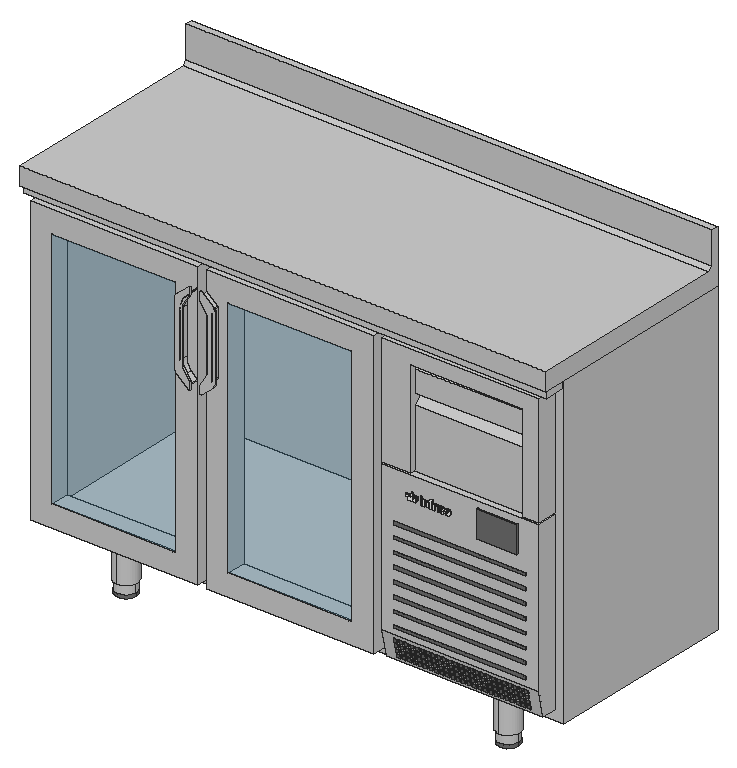
Revit family "QF_INFRICO_FMPP1500CR_250812095437", category Specialty Equipment, Revit 2021
Family settings
  Round Connector Dimension = Use Diameter
  Part Type = Normal
  OmniClass Number = 23.40.40.14
  OmniClass Title = Food Service Equipment
  Work Plane-Based = No
  Always vertical = Yes
  Cut with Voids When Loaded = No
  Shared = No
  Room Calculation Point = No
Parameters (values of type "FMPP1500CR-R290")
  Weight [instance] = 142.002 kg
  Waste Water Discharge Temperature [instance] = 0 °C
  Waste Remarks [instance] = ""
  Warranty Start Date [instance] = ""
  Warranty Duration [instance] = ""
  Volts [instance] = 230 V
  Volt Free Conn [instance] = no
  URL Recommended Spares List [instance] = ""
  URL Manufacturer [instance] = ""
  URL Cutsheet [instance] = ""
  URL Critical Spares List [instance] = ""
  URL = "www.infrico.com"
  Technical Documentation [instance] = ""
  Tag Number [instance] = ""
  Status [instance] = ""
  Start Up Current [instance] = 0 A
  Specification by User [instance] = ""
  Specification by Manufacturer [instance] = ""
  Sound Level [instance] = ""
  Show Logo [instance] = yes
  Show Clearances [instance] = yes
  Service Life Duration [instance] = ""
  Serial Number [instance] = ""
  Seismic Rating [instance] = ""
  SMACNA No [instance] = ""
  Revision Code [instance] = ""
  Revision [instance] = ""
  Production Year [instance] = ""
  Potential Equalisation [instance] = no
  Point Load [instance] = 0
  Plumbing Connection Type [instance] = ""
  Phase [instance] = 1
  Other Equipment Approvals [instance] = ""
  Operational Current [instance] = 0 A
  Number of Poles [instance] = 2
  No Load Power Draw [instance] = no
  NAFEM Spec ID Number [instance] = ""
  Model Warning [instance] = ""
  Model = "FMPP1500CR"
  Min Ckt Ampacity [instance] = 0 A
  Max Overcurrent Protection [instance] = 0 A
  Masterspec [instance] = ""
  Manufacturer = "INFRICO"
  Main switch integrated [instance] = no
  Length Actual [instance] = 1468.12 mm
  Item Number [instance] = ""
  Installed By [instance] = ""
  Installation Date [instance] = ""
  Indirect Waste Size [instance] = 19.05 mm
  Indirect Waste Remarks [instance] = ""
  Indirect Waste Flow [instance] = 0.0 L/s
  Indirect Waste Connection Type [instance] = ""
  Indirect Waste Connection Height [instance] = 0 mm
  Identify Quantity as Lot [instance] = no
  ID [instance] = ""
  Hygiene Approval [instance] = ""
  Height Actual [instance] = 1050.036 mm
  HP power [instance] = ""
  Furnished By [instance] = ""
  Foodservice Equipment Identifier [instance] = no
  FL Amps [instance] = 0 A
  Electrical Remarks [instance] = ""
  Electric power [instance] = 440 W
  Electric Connection Type [instance] = ""
  Elec Conn RI Height [instance] = 0 mm
  Elec Conn Connection Height [instance] = 0 mm
  ETL Approved [instance] = no
  Direct Waste Water Discharge Temperature [instance] = -273.15 °C
  Direct Waste Size [instance] = 19.05 mm
  Direct Waste RI Height [instance] = 0 mm
  Direct Waste Flow [instance] = 0.0 L/s
  Direct Waste Connection Height [instance] = 0 mm
  Description = "BACK BAR COUNTER REFRIGERATOR - R290"
  Depth Actual [instance] = 599.948 mm
  Default Elevation = 0 mm
  Cycle [instance] = 50 Hz
  Cost = 0
  Connection to energy optimisation system [instance] = yes
  Conn Plug [instance] = ""
  Conn Conduit [instance] = no
  Centralized building control system with digital interface [instance] = ""
  CSI MasterFormat [instance] = ""
  CE Approved [instance] = no
  Barcode [instance] = 0
  Author [instance] = ""
  Asset Identifier [instance] = ""
  Apparent Power [instance] = 440 VA
  Accessory [instance] = no
Reference planes
  plane 1 "Center (Front/Back)": y = 0
  plane 2: z = 0
  plane 3 "Center (Left/Right)": x = 0
Forms (mm)
  Extrusion 1, solid, not visible
    sketch origin (541.026, -113.006, 142.007) x (1, 0, 0) y (0, 1, 0)
      loop
        line (-2, 2) -> (-2, -2) -> (2, -2) -> (2, 2) -> (-2, 2)
    from -2 to 2
  Extrusion 2, solid, not visible
    sketch origin (1407.069, -61.003, 142.007) x (1, 0, 0) y (0, 1, 0)
      loop
        line (-2, 2) -> (-2, -2) -> (2, -2) -> (2, 2) -> (-2, 2)
    from -2 to 2
Dimensions and locks
  locked: nested 2 to Extrusion 1 at 2  (x2)
  locked: nested 3 to Extrusion 2 at 2  (x2)
  aligned and locked: level to plane 2
Nested families
  nested 1: "QF_INFRICO_FMPP1500CR_2920" at (0, 0, 140), type "FMPP1500CR-R290"
    with Weight 142.002 kg, Warranty Start Date "", Warranty Duration "", URL Cutsheet "", Technical Documentation "", Tag Number "", Status "", Specification by User "", Specification by Manufacturer "", Sound Level "", Solid Fuel Type "", Show Logo yes, Show Clearances yes, Show Clearance yes, Service Life Duration "", Serial Number "", Seismic Rating "", SMACNA No "", Revision Code "", Revision "", Production Year "", Point Load 0, Other Equipment Approvals "", NAFEM Spec ID Number "", Model Warning "", Masterspec "", Length Actual 1468.12 mm, Item Number "", Installed By "", Installation Date "", Identify Quantity as Lot yes, ID "", Hygiene Approval "", Height Actual 1050.036 mm, Furnished By "", Foodservice Equipment Identifier yes, ETL Approved yes, Depth Actual 599.948 mm, CSI MasterFormat "", CE Approved no, Barcode "", Author "", Asset Identifier "", Accessory no
  nested 2: "CONN_POINT_DRAIN_2D___Generic_Annotation" at (541.026, -113.006, 140.007), type "CONN_POINT_DRAIN_2D___Generic_Annotation"
    with Onboard connection annotation symbol visibility yes
  nested 3: "CONN_POINT_ELE_2D___Generic_Annotation" at (1407.069, -61.003, 140.007), type "CONN_POINT_ELE_2D___Generic_Annotation"
    with Onboard connection annotation symbol visibility yes
  nested 4: "QF_INFRICO_FMPPCR_DOOR_SX_4873" at (22, -538, 168), type "FMPPCR_DOOR_SX"
    with Weight 0.00 kg, Warranty Start Date "", Warranty Duration "", URL Cutsheet "", Technical Documentation "", Tag Number "", Status "", Specification by User "", Specification by Manufacturer "", Sound Level "", Solid Fuel Type "", Show Logo yes, Show Clearances yes, Show Clearance yes, Service Life Duration "", Serial Number "", Seismic Rating "", SMACNA No "", Revision Code "", Revision "", Production Year "", Point Load 0, Other Equipment Approvals "", NAFEM Spec ID Number "", Model Warning "", Masterspec "", Length Actual 467.106 mm, Item Number "", Installed By "", Installation Date "", Identify Quantity as Lot yes, ID "", Hygiene Approval "", Height Actual 596.9 mm, Furnished By "", Foodservice Equipment Identifier yes, ETL Approved yes, Depth Actual 54.102 mm, CSI MasterFormat "", CE Approved no, Barcode "", Author "", Asset Identifier "", Accessory yes
  nested 5: "QF_INFRICO_FMPPCR_DOOR_DX_5685" at (514, -538, 168), type "FMPPCR_DOOR_DX"
    with Weight 0.00 kg, Warranty Start Date "", Warranty Duration "", URL Cutsheet "", Technical Documentation "", Tag Number "", Status "", Specification by User "", Specification by Manufacturer "", Sound Level "", Solid Fuel Type "", Show Logo yes, Show Clearances yes, Show Clearance yes, Service Life Duration "", Serial Number "", Seismic Rating "", SMACNA No "", Revision Code "", Revision "", Production Year "", Point Load 0, Other Equipment Approvals "", NAFEM Spec ID Number "", Model Warning "", Masterspec "", Length Actual 467.106 mm, Item Number "", Installed By "", Installation Date "", Identify Quantity as Lot yes, ID "", Hygiene Approval "", Height Actual 596.9 mm, Furnished By "", Foodservice Equipment Identifier yes, ETL Approved yes, Depth Actual 54.102 mm, CSI MasterFormat "", CE Approved no, Barcode "", Author "", Asset Identifier "", Accessory yes
  nested 6: "QF_INFRICO_WORKTOP_BACKSPLASH_6493" at (0, 0, 1000), type "ENC12CPBM15"
    with Weight 0.00 kg, Warranty Start Date "", Warranty Duration "", URL Cutsheet "", Technical Documentation "", Tag Number "", Status "", Specification by User "", Specification by Manufacturer "", Sound Level "", Solid Fuel Type "", Show Logo yes, Show Clearances yes, Show Clearance yes, Service Life Duration "", Serial Number "", Seismic Rating "", SMACNA No "", Revision Code "", Revision "", Production Year "", Point Load 0, Other Equipment Approvals "", NAFEM Spec ID Number "", Model Warning "", Masterspec "", Length Actual 1468.12 mm, Item Number "", Installed By "", Installation Date "", Identify Quantity as Lot yes, ID "", Hygiene Approval "", Height Actual 150.114 mm, Furnished By "", Foodservice Equipment Identifier yes, ETL Approved yes, Depth Actual 599.948 mm, CSI MasterFormat "", CE Approved no, Barcode "", Author "", Asset Identifier "", Accessory yes
  nested 7: "QF_INFRICO_LEGS_7329" at (0, 0, 0), type "LEGS_1470_600"
    with Weight 0.00 kg, Warranty Start Date "", Warranty Duration "", URL Cutsheet "", Technical Documentation "", Tag Number "", Status "", Specification by User "", Specification by Manufacturer "", Sound Level "", Solid Fuel Type "", Show Logo yes, Show Clearances yes, Show Clearance yes, Service Life Duration "", Serial Number "", Seismic Rating "", SMACNA No "", Revision Code "", Revision "", Production Year "", Point Load 0, Other Equipment Approvals "", NAFEM Spec ID Number "", Model Warning "", Masterspec "", Length Actual 1468.12 mm, Item Number "", Installed By "", Installation Date "", Identify Quantity as Lot yes, ID "", Hygiene Approval "", Height Actual 139.954 mm, Furnished By "", Foodservice Equipment Identifier yes, ETL Approved yes, Depth Actual 599.948 mm, CSI MasterFormat "", CE Approved no, Barcode "", Author "", Asset Identifier "", Accessory yes
Connectors
  piping at (541.026, -113.006, 140.007), diameter 19.05, driven by "Indirect Waste Size", driven by "Direct Waste Flow"
    settings: on Extrusion 1, index 1, connector inside diameter 609.6 mm, connector length 0 mm, flow factor 0, pipe flow 0.0 L/s, pressure drop 0.0 Pa, fitting loss kfactor 0, connector angle 0.00°, fixture units 0, engagement length 0 mm, angle of deflection 0.00°, flow configuration 1, flow direction 2, fitting loss method 0, system type 16, joint type 0, gender type 0, connector reference index -1, connector utility 0, adjustable connector no, is connector primary yes, connector description "Waste connection for FMPP1500CR"
  electrical at (1407.069, -61.003, 140.007), driven by "Apparent Power", driven by "Number of Poles", driven by "Volts"
    settings: on Extrusion 2, index 2, voltage 230 V, apparent load 0 VA, apparent load phase1 440 VA, apparent load phase2 0 VA, apparent load phase3 0 VA, power factor 1, load classification "Other", number of poles 2, system type 31, power factor state 1, is connector primary yes, connector utility no, sub classification motor no, connector description "Electrical connection for FMPP1500CR"
Definition of nested family "QF_INFRICO_FMPP1500CR_2920"
  Parameters (values of type "FMPP1500CR-R290")
    Weight [instance] = 0.00 kg
    Warranty Start Date [instance] = ""
    Warranty Duration [instance] = ""
    URL Cutsheet [instance] = ""
    URL = "www.infrico.com"
    Technical Documentation [instance] = ""
    Tag Number [instance] = ""
    Status [instance] = ""
    Specification by User [instance] = ""
    Specification by Manufacturer [instance] = ""
    Sound Level [instance] = ""
    Solid Fuel Type [instance] = ""
    Show Logo [instance] = yes
    Show Clearances [instance] = yes
    Show Clearance [instance] = yes
    Service Life Duration [instance] = ""
    Serial Number [instance] = ""
    Seismic Rating [instance] = ""
    SMACNA No [instance] = ""
    Revision Code [instance] = ""
    Revision [instance] = ""
    Production Year [instance] = ""
    Point Load [instance] = 0
    Other Equipment Approvals [instance] = ""
    NAFEM Spec ID Number [instance] = ""
    Model Warning [instance] = ""
    Model = "FMPP1500CR"
    Masterspec [instance] = ""
    Manufacturer = "INFRICO"
    Length Actual [instance] = 0 mm
    Item Number [instance] = ""
    Installed By [instance] = ""
    Installation Date [instance] = ""
    Identify Quantity as Lot [instance] = yes
    ID [instance] = ""
    Hygiene Approval [instance] = ""
    Height Actual [instance] = 0 mm
    Furnished By [instance] = ""
    Foodservice Equipment Identifier [instance] = yes
    ETL Approved [instance] = yes
    Description = "BACK BAR COUNTER REFRIGERATOR - R290"
    Depth Actual [instance] = 0 mm
    Default Elevation = 0 mm
    CSI MasterFormat [instance] = ""
    CE Approved [instance] = yes
    Barcode [instance] = ""
    Author [instance] = ""
    Asset Identifier [instance] = ""
    Assembly Code = "E1090320"
    Accessory [instance] = yes
  Types (2, lengths in mm): name | Description
    FMPP1500CR | "BACK BAR COUNTER REFRIGERATOR - R134A"
    FMPP1500CR-R290 | "BACK BAR COUNTER REFRIGERATOR - R290"
  Reference planes
    plane 1 "Back": y = 0
    plane 2: z = 0
    plane 3 "Left": x = 0
    plane 4 "Right": x = 1468
    plane 5 "Front": y = -600
    plane 6 "Top": z = 860
  Forms (mm)
    Extrusion 1, solid
      sketch origin (0, 100, -140) x (0, 1, 0) y (0, 0, 1)
        loop
          line (-638.02, 654.885) -> (-695.03, 654.885) -> (-695.03, 238.436) -> (-678.769, 168) -> (-638.02, 168) -> (-638.02, 654.885)
      from 1005.93 to 1443.93
    Extrusion 2, solid
      sketch origin (-2000, -593.13, -140) x (1, 0, 0) y (0, 0, 1)
        loop
          line (3408.016, 523.949) -> (3040.73, 523.949) -> (3040.73, 514.949) -> (3408.016, 514.949) -> (3408.016, 523.949)
        loop
          line (3408.016, 486.949) -> (3040.73, 486.949) -> (3040.73, 477.949) -> (3408.016, 477.949) -> (3408.016, 486.949)
        loop
          line (3408.016, 449.949) -> (3040.73, 449.949) -> (3040.73, 440.949) -> (3408.016, 440.949) -> (3408.016, 449.949)
        loop
          line (3408.016, 412.949) -> (3040.73, 412.949) -> (3040.73, 403.949) -> (3408.016, 403.949) -> (3408.016, 412.949)
        loop
          line (3408.016, 375.949) -> (3040.73, 375.949) -> (3040.73, 366.949) -> (3408.016, 366.949) -> (3408.016, 375.949)
        loop
          line (3408.016, 338.949) -> (3040.73, 338.949) -> (3040.73, 329.949) -> (3408.016, 329.949) -> (3408.016, 338.949)
        loop
          line (3408.016, 301.949) -> (3040.73, 301.949) -> (3040.73, 292.949) -> (3408.016, 292.949) -> (3408.016, 301.949)
        loop
          line (3408.016, 264.949) -> (3040.73, 264.949) -> (3040.73, 255.949) -> (3408.016, 255.949) -> (3408.016, 264.949)
      from 0 to 2
    Extrusion 3, solid
      sketch origin (-1999.3, -539.263, -135.602) x (1, 0, 0) y (0, -0.224951, 0.97437)
        loop
          line (3036.73, 215.974) -> (3036.73, 205.974) -> (3046.73, 205.974) -> (3046.73, 215.974) -> (3036.73, 215.974)
        loop
          line (3036.73, 230.769) -> (3036.73, 220.769) -> (3046.73, 220.769) -> (3046.73, 230.769) -> (3036.73, 230.769)
        loop
          line (3036.73, 186.385) -> (3036.73, 176.385) -> (3046.73, 176.385) -> (3046.73, 186.385) -> (3036.73, 186.385)
        loop
          line (3036.73, 201.179) -> (3036.73, 191.179) -> (3046.73, 191.179) -> (3046.73, 201.179) -> (3036.73, 201.179)
        loop
          line (3051.938, 215.974) -> (3051.938, 205.974) -> (3061.938, 205.974) -> (3061.938, 215.974) -> (3051.938, 215.974)
        loop
          line (3051.938, 230.769) -> (3051.938, 220.769) -> (3061.938, 220.769) -> (3061.938, 230.769) -> (3051.938, 230.769)
        loop
          line (3051.938, 186.385) -> (3051.938, 176.385) -> (3061.938, 176.385) -> (3061.938, 186.385) -> (3051.938, 186.385)
        loop
          line (3051.938, 201.179) -> (3051.938, 191.179) -> (3061.938, 191.179) -> (3061.938, 201.179) -> (3051.938, 201.179)
        loop
          line (3067.147, 215.974) -> (3067.147, 205.974) -> (3077.147, 205.974) -> (3077.147, 215.974) -> (3067.147, 215.974)
        loop
          line (3067.147, 230.769) -> (3067.147, 220.769) -> (3077.147, 220.769) -> (3077.147, 230.769) -> (3067.147, 230.769)
        loop
          line (3067.147, 186.385) -> (3067.147, 176.385) -> (3077.147, 176.385) -> (3077.147, 186.385) -> (3067.147, 186.385)
        loop
          line (3067.147, 201.179) -> (3067.147, 191.179) -> (3077.147, 191.179) -> (3077.147, 201.179) -> (3067.147, 201.179)
        loop
          line (3082.355, 215.974) -> (3082.355, 205.974) -> (3092.355, 205.974) -> (3092.355, 215.974) -> (3082.355, 215.974)
        loop
          line (3082.355, 230.769) -> (3082.355, 220.769) -> (3092.355, 220.769) -> (3092.355, 230.769) -> (3082.355, 230.769)
        loop
          line (3082.355, 186.385) -> (3082.355, 176.385) -> (3092.355, 176.385) -> (3092.355, 186.385) -> (3082.355, 186.385)
        loop
          line (3082.355, 201.179) -> (3082.355, 191.179) -> (3092.355, 191.179) -> (3092.355, 201.179) -> (3082.355, 201.179)
        loop
          line (3097.563, 215.974) -> (3097.563, 205.974) -> (3107.563, 205.974) -> (3107.563, 215.974) -> (3097.563, 215.974)
        loop
          line (3097.563, 230.769) -> (3097.563, 220.769) -> (3107.563, 220.769) -> (3107.563, 230.769) -> (3097.563, 230.769)
        loop
          line (3097.563, 186.385) -> (3097.563, 176.385) -> (3107.563, 176.385) -> (3107.563, 186.385) -> (3097.563, 186.385)
        loop
          line (3097.563, 201.179) -> (3097.563, 191.179) -> (3107.563, 191.179) -> (3107.563, 201.179) -> (3097.563, 201.179)
        loop
          line (3112.772, 215.974) -> (3112.772, 205.974) -> (3122.772, 205.974) -> (3122.772, 215.974) -> (3112.772, 215.974)
        loop
          line (3112.772, 230.769) -> (3112.772, 220.769) -> (3122.772, 220.769) -> (3122.772, 230.769) -> (3112.772, 230.769)
        loop
          line (3112.772, 186.385) -> (3112.772, 176.385) -> (3122.772, 176.385) -> (3122.772, 186.385) -> (3112.772, 186.385)
        loop
          line (3112.772, 201.179) -> (3112.772, 191.179) -> (3122.772, 191.179) -> (3122.772, 201.179) -> (3112.772, 201.179)
        loop
          line (3127.98, 215.974) -> (3127.98, 205.974) -> (3137.98, 205.974) -> (3137.98, 215.974) -> (3127.98, 215.974)
        loop
          line (3127.98, 230.769) -> (3127.98, 220.769) -> (3137.98, 220.769) -> (3137.98, 230.769) -> (3127.98, 230.769)
        loop
          line (3127.98, 186.385) -> (3127.98, 176.385) -> (3137.98, 176.385) -> (3137.98, 186.385) -> (3127.98, 186.385)
        loop
          line (3127.98, 201.179) -> (3127.98, 191.179) -> (3137.98, 191.179) -> (3137.98, 201.179) -> (3127.98, 201.179)
        loop
          line (3143.188, 215.974) -> (3143.188, 205.974) -> (3153.188, 205.974) -> (3153.188, 215.974) -> (3143.188, 215.974)
        loop
          line (3143.188, 230.769) -> (3143.188, 220.769) -> (3153.188, 220.769) -> (3153.188, 230.769) -> (3143.188, 230.769)
        loop
          line (3143.188, 186.385) -> (3143.188, 176.385) -> (3153.188, 176.385) -> (3153.188, 186.385) -> (3143.188, 186.385)
        loop
          line (3143.188, 201.179) -> (3143.188, 191.179) -> (3153.188, 191.179) -> (3153.188, 201.179) -> (3143.188, 201.179)
        loop
          line (3158.397, 215.974) -> (3158.397, 205.974) -> (3168.397, 205.974) -> (3168.397, 215.974) -> (3158.397, 215.974)
        loop
          line (3158.397, 230.769) -> (3158.397, 220.769) -> (3168.397, 220.769) -> (3168.397, 230.769) -> (3158.397, 230.769)
        loop
          line (3158.397, 186.385) -> (3158.397, 176.385) -> (3168.397, 176.385) -> (3168.397, 186.385) -> (3158.397, 186.385)
        loop
          line (3158.397, 201.179) -> (3158.397, 191.179) -> (3168.397, 191.179) -> (3168.397, 201.179) -> (3158.397, 201.179)
        loop
          line (3173.605, 215.974) -> (3173.605, 205.974) -> (3183.605, 205.974) -> (3183.605, 215.974) -> (3173.605, 215.974)
        loop
          line (3173.605, 230.769) -> (3173.605, 220.769) -> (3183.605, 220.769) -> (3183.605, 230.769) -> (3173.605, 230.769)
        loop
          line (3173.605, 186.385) -> (3173.605, 176.385) -> (3183.605, 176.385) -> (3183.605, 186.385) -> (3173.605, 186.385)
        loop
          line (3173.605, 201.179) -> (3173.605, 191.179) -> (3183.605, 191.179) -> (3183.605, 201.179) -> (3173.605, 201.179)
        loop
          line (3188.813, 215.974) -> (3188.813, 205.974) -> (3198.813, 205.974) -> (3198.813, 215.974) -> (3188.813, 215.974)
        loop
          line (3188.813, 230.769) -> (3188.813, 220.769) -> (3198.813, 220.769) -> (3198.813, 230.769) -> (3188.813, 230.769)
        loop
          line (3188.813, 186.385) -> (3188.813, 176.385) -> (3198.813, 176.385) -> (3198.813, 186.385) -> (3188.813, 186.385)
        loop
          line (3188.813, 201.179) -> (3188.813, 191.179) -> (3198.813, 191.179) -> (3198.813, 201.179) -> (3188.813, 201.179)
        loop
          line (3204.022, 215.974) -> (3204.022, 205.974) -> (3214.022, 205.974) -> (3214.022, 215.974) -> (3204.022, 215.974)
        loop
          line (3204.022, 230.769) -> (3204.022, 220.769) -> (3214.022, 220.769) -> (3214.022, 230.769) -> (3204.022, 230.769)
        loop
          line (3204.022, 186.385) -> (3204.022, 176.385) -> (3214.022, 176.385) -> (3214.022, 186.385) -> (3204.022, 186.385)
        loop
          line (3204.022, 201.179) -> (3204.022, 191.179) -> (3214.022, 191.179) -> (3214.022, 201.179) -> (3204.022, 201.179)
        loop
          line (3219.23, 215.974) -> (3219.23, 205.974) -> (3229.23, 205.974) -> (3229.23, 215.974) -> (3219.23, 215.974)
        loop
          line (3219.23, 230.769) -> (3219.23, 220.769) -> (3229.23, 220.769) -> (3229.23, 230.769) -> (3219.23, 230.769)
        loop
          line (3219.23, 186.385) -> (3219.23, 176.385) -> (3229.23, 176.385) -> (3229.23, 186.385) -> (3219.23, 186.385)
        loop
          line (3219.23, 201.179) -> (3219.23, 191.179) -> (3229.23, 191.179) -> (3229.23, 201.179) -> (3219.23, 201.179)
        loop
          line (3234.438, 215.974) -> (3234.438, 205.974) -> (3244.438, 205.974) -> (3244.438, 215.974) -> (3234.438, 215.974)
        loop
          line (3234.438, 230.769) -> (3234.438, 220.769) -> (3244.438, 220.769) -> (3244.438, 230.769) -> (3234.438, 230.769)
        loop
          line (3234.438, 186.385) -> (3234.438, 176.385) -> (3244.438, 176.385) -> (3244.438, 186.385) -> (3234.438, 186.385)
        loop
          line (3234.438, 201.179) -> (3234.438, 191.179) -> (3244.438, 191.179) -> (3244.438, 201.179) -> (3234.438, 201.179)
        loop
          line (3249.647, 215.974) -> (3249.647, 205.974) -> (3259.647, 205.974) -> (3259.647, 215.974) -> (3249.647, 215.974)
        loop
          line (3249.647, 230.769) -> (3249.647, 220.769) -> (3259.647, 220.769) -> (3259.647, 230.769) -> (3249.647, 230.769)
        loop
          line (3249.647, 186.385) -> (3249.647, 176.385) -> (3259.647, 176.385) -> (3259.647, 186.385) -> (3249.647, 186.385)
        loop
          line (3249.647, 201.179) -> (3249.647, 191.179) -> (3259.647, 191.179) -> (3259.647, 201.179) -> (3249.647, 201.179)
        loop
          line (3264.855, 215.974) -> (3264.855, 205.974) -> (3274.855, 205.974) -> (3274.855, 215.974) -> (3264.855, 215.974)
        loop
          line (3264.855, 230.769) -> (3264.855, 220.769) -> (3274.855, 220.769) -> (3274.855, 230.769) -> (3264.855, 230.769)
        loop
          line (3264.855, 186.385) -> (3264.855, 176.385) -> (3274.855, 176.385) -> (3274.855, 186.385) -> (3264.855, 186.385)
        loop
          line (3264.855, 201.179) -> (3264.855, 191.179) -> (3274.855, 191.179) -> (3274.855, 201.179) -> (3264.855, 201.179)
        loop
          line (3280.063, 215.974) -> (3280.063, 205.974) -> (3290.063, 205.974) -> (3290.063, 215.974) -> (3280.063, 215.974)
        loop
          line (3280.063, 230.769) -> (3280.063, 220.769) -> (3290.063, 220.769) -> (3290.063, 230.769) -> (3280.063, 230.769)
        loop
          line (3280.063, 186.385) -> (3280.063, 176.385) -> (3290.063, 176.385) -> (3290.063, 186.385) -> (3280.063, 186.385)
        loop
          line (3280.063, 201.179) -> (3280.063, 191.179) -> (3290.063, 191.179) -> (3290.063, 201.179) -> (3280.063, 201.179)
        loop
          line (3295.272, 215.974) -> (3295.272, 205.974) -> (3305.272, 205.974) -> (3305.272, 215.974) -> (3295.272, 215.974)
        loop
          line (3295.272, 230.769) -> (3295.272, 220.769) -> (3305.272, 220.769) -> (3305.272, 230.769) -> (3295.272, 230.769)
        loop
          line (3295.272, 186.385) -> (3295.272, 176.385) -> (3305.272, 176.385) -> (3305.272, 186.385) -> (3295.272, 186.385)
        loop
          line (3295.272, 201.179) -> (3295.272, 191.179) -> (3305.272, 191.179) -> (3305.272, 201.179) -> (3295.272, 201.179)
        loop
          line (3310.48, 215.974) -> (3310.48, 205.974) -> (3320.48, 205.974) -> (3320.48, 215.974) -> (3310.48, 215.974)
        loop
          line (3310.48, 230.769) -> (3310.48, 220.769) -> (3320.48, 220.769) -> (3320.48, 230.769) -> (3310.48, 230.769)
        loop
          line (3310.48, 186.385) -> (3310.48, 176.385) -> (3320.48, 176.385) -> (3320.48, 186.385) -> (3310.48, 186.385)
        loop
          line (3310.48, 201.179) -> (3310.48, 191.179) -> (3320.48, 191.179) -> (3320.48, 201.179) -> (3310.48, 201.179)
        loop
          line (3325.688, 215.974) -> (3325.688, 205.974) -> (3335.688, 205.974) -> (3335.688, 215.974) -> (3325.688, 215.974)
        loop
          line (3325.688, 230.769) -> (3325.688, 220.769) -> (3335.688, 220.769) -> (3335.688, 230.769) -> (3325.688, 230.769)
        loop
          line (3325.688, 186.385) -> (3325.688, 176.385) -> (3335.688, 176.385) -> (3335.688, 186.385) -> (3325.688, 186.385)
        loop
          line (3325.688, 201.179) -> (3325.688, 191.179) -> (3335.688, 191.179) -> (3335.688, 201.179) -> (3325.688, 201.179)
        loop
          line (3340.897, 215.974) -> (3340.897, 205.974) -> (3350.897, 205.974) -> (3350.897, 215.974) -> (3340.897, 215.974)
        loop
          line (3340.897, 230.769) -> (3340.897, 220.769) -> (3350.897, 220.769) -> (3350.897, 230.769) -> (3340.897, 230.769)
        loop
          line (3340.897, 186.385) -> (3340.897, 176.385) -> (3350.897, 176.385) -> (3350.897, 186.385) -> (3340.897, 186.385)
        loop
          line (3340.897, 201.179) -> (3340.897, 191.179) -> (3350.897, 191.179) -> (3350.897, 201.179) -> (3340.897, 201.179)
        loop
          line (3356.105, 215.974) -> (3356.105, 205.974) -> (3366.105, 205.974) -> (3366.105, 215.974) -> (3356.105, 215.974)
        loop
          line (3356.105, 230.769) -> (3356.105, 220.769) -> (3366.105, 220.769) -> (3366.105, 230.769) -> (3356.105, 230.769)
        loop
          line (3356.105, 186.385) -> (3356.105, 176.385) -> (3366.105, 176.385) -> (3366.105, 186.385) -> (3356.105, 186.385)
        loop
          line (3356.105, 201.179) -> (3356.105, 191.179) -> (3366.105, 191.179) -> (3366.105, 201.179) -> (3356.105, 201.179)
        loop
          line (3371.313, 215.974) -> (3371.313, 205.974) -> (3381.313, 205.974) -> (3381.313, 215.974) -> (3371.313, 215.974)
        loop
          line (3371.313, 230.769) -> (3371.313, 220.769) -> (3381.313, 220.769) -> (3381.313, 230.769) -> (3371.313, 230.769)
        loop
          line (3371.313, 186.385) -> (3371.313, 176.385) -> (3381.313, 176.385) -> (3381.313, 186.385) -> (3371.313, 186.385)
        loop
          line (3371.313, 201.179) -> (3371.313, 191.179) -> (3381.313, 191.179) -> (3381.313, 201.179) -> (3371.313, 201.179)
        loop
          line (3386.522, 215.974) -> (3386.522, 205.974) -> (3396.522, 205.974) -> (3396.522, 215.974) -> (3386.522, 215.974)
        loop
          line (3386.522, 230.769) -> (3386.522, 220.769) -> (3396.522, 220.769) -> (3396.522, 230.769) -> (3386.522, 230.769)
        loop
          line (3386.522, 186.385) -> (3386.522, 176.385) -> (3396.522, 176.385) -> (3396.522, 186.385) -> (3386.522, 186.385)
        loop
          line (3386.522, 201.179) -> (3386.522, 191.179) -> (3396.522, 191.179) -> (3396.522, 201.179) -> (3386.522, 201.179)
        loop
          line (3401.73, 215.974) -> (3401.73, 205.974) -> (3411.73, 205.974) -> (3411.73, 215.974) -> (3401.73, 215.974)
        loop
          line (3401.73, 230.769) -> (3401.73, 220.769) -> (3411.73, 220.769) -> (3411.73, 230.769) -> (3401.73, 230.769)
        loop
          line (3401.73, 186.385) -> (3401.73, 176.385) -> (3411.73, 176.385) -> (3411.73, 186.385) -> (3401.73, 186.385)
        loop
          line (3401.73, 201.179) -> (3401.73, 191.179) -> (3411.73, 191.179) -> (3411.73, 201.179) -> (3401.73, 201.179)
      from 0 to 2
    Extrusion 4, solid, visible <- "Show Logo"
      sketch origin (-89.335, -593.13, -246.187) x (1, 0, 0) y (0, 0, 1)
        loop
          line (1208.799, 696.53) -> (1208.799, 719.204) -> (1204.173, 719.204) -> (1204.173, 696.53) -> (1208.799, 696.53)
        loop
          line (1214.779, 713.006) -> (1211.283, 713.006) -> (1211.283, 696.53) -> (1215.772, 696.53) -> (1215.772, 707.832)
          arc (1215.772, 707.832) -> (1217.528, 708.741) -> (1219.417, 709.324) r 11.052
          arc (1219.417, 709.324) -> (1220.929, 708.961) -> (1221.598, 707.557) r 1.806
          line (1221.598, 707.557) -> (1221.598, 696.53) -> (1226.121, 696.53) -> (1226.121, 708.689)
          arc (1226.121, 708.689) -> (1224.637, 712.075) -> (1221.141, 713.281) r 4.607
          arc (1221.141, 713.281) -> (1218.282, 712.674) -> (1215.669, 711.361) r 11.435
          line (1215.669, 711.361) -> (1215.601, 712.184)
          arc (1215.601, 712.184) -> (1215.36, 712.765) -> (1214.779, 713.006) r 0.822
        loop
          line (1238.557, 720.102) -> (1237.306, 720.102)
          arc (1237.306, 720.102) -> (1235.052, 719.926) -> (1232.881, 719.297) r 11.103
          arc (1232.881, 719.297) -> (1230.805, 717.616) -> (1230.024, 715.062) r 4.567
          line (1230.024, 715.062) -> (1230.024, 712.909) -> (1227.351, 712.703) -> (1227.351, 709.374) -> (1230.024, 709.374) -> (1230.024, 696.53) -> (1234.547, 696.53) -> (1234.547, 709.374) -> (1238.249, 709.374) -> (1238.249, 712.938) -> (1234.547, 712.938) -> (1234.547, 714.548)
          arc (1234.547, 714.548) -> (1234.956, 715.705) -> (1236.045, 716.271) r 1.67
          line (1236.045, 716.271) -> (1237.7, 716.399)
          arc (1237.7, 716.399) -> (1238.306, 716.65) -> (1238.557, 717.255) r 0.857
          line (1238.557, 717.255) -> (1238.557, 720.102)
        loop
          line (1239.479, 713.006) -> (1239.479, 696.53) -> (1243.968, 696.53) -> (1243.968, 707.352)
          arc (1243.968, 707.352) -> (1245.873, 708.631) -> (1248.077, 709.268) r 7.435
          line (1248.077, 709.268) -> (1249.241, 709.416)
          arc (1249.241, 709.416) -> (1249.643, 709.758) -> (1249.793, 710.265) r 0.928
          line (1249.793, 710.265) -> (1249.793, 712.458)
          arc (1249.793, 712.458) -> (1249.531, 713.061) -> (1248.912, 713.28) r 0.824
          arc (1248.912, 713.28) -> (1246.197, 712.588) -> (1243.899, 710.984) r 7.833
          line (1243.899, 710.984) -> (1243.726, 713.006) -> (1239.479, 713.006)
        loop
          line (1255.495, 696.53) -> (1255.495, 713.006) -> (1251.006, 713.006) -> (1251.006, 696.53) -> (1255.495, 696.53)
        loop
          arc (1257.421, 701.327) -> (1258.567, 698.188) -> (1261.466, 696.525) r 4.873
          arc (1261.466, 696.525) -> (1264.493, 696.266) -> (1267.521, 696.525) r 17.816
          arc (1267.521, 696.525) -> (1270.575, 699.134) -> (1271.505, 703.041) r 6.481
          line (1271.505, 703.041) -> (1267.187, 703.041) -> (1267.187, 701.67)
          arc (1267.187, 701.67) -> (1266.64, 700.452) -> (1265.442, 699.865) r 1.965
          arc (1265.442, 699.865) -> (1264.547, 699.816) -> (1263.653, 699.865) r 8.196
          arc (1263.653, 699.865) -> (1262.417, 700.415) -> (1261.91, 701.67) r 1.806
          line (1261.91, 701.67) -> (1261.91, 707.9)
          arc (1261.91, 707.9) -> (1262.417, 709.155) -> (1263.653, 709.705) r 1.806
          arc (1263.653, 709.705) -> (1264.547, 709.754) -> (1265.442, 709.705) r 8.196
          arc (1265.442, 709.705) -> (1266.64, 709.118) -> (1267.187, 707.9) r 1.965
          line (1267.187, 707.9) -> (1267.187, 706.838) -> (1271.505, 706.838)
          arc (1271.505, 706.838) -> (1270.524, 710.556) -> (1267.521, 712.959) r 6.132
          arc (1267.521, 712.959) -> (1264.493, 713.294) -> (1261.466, 712.959) r 13.851
          arc (1261.466, 712.959) -> (1258.571, 711.349) -> (1257.421, 708.243) r 4.772
          line (1257.421, 708.243) -> (1257.421, 701.327)
        loop
          arc (1272.916, 701.329) -> (1273.993, 698.345) -> (1276.726, 696.734) r 4.676
          arc (1276.726, 696.734) -> (1278.515, 696.455) -> (1280.318, 696.291) r 28.371
          arc (1280.318, 696.291) -> (1282.122, 696.455) -> (1283.911, 696.734) r 28.371
          arc (1283.911, 696.734) -> (1286.644, 698.345) -> (1287.72, 701.329) r 4.676
          line (1287.72, 701.329) -> (1287.72, 708.242)
          arc (1287.72, 708.242) -> (1286.644, 711.226) -> (1283.911, 712.837) r 4.676
          arc (1283.911, 712.837) -> (1282.122, 713.116) -> (1280.318, 713.28) r 28.371
          arc (1280.318, 713.28) -> (1278.515, 713.116) -> (1276.726, 712.837) r 28.371
          arc (1276.726, 712.837) -> (1273.993, 711.226) -> (1272.916, 708.242) r 4.676
          line (1272.916, 708.242) -> (1272.916, 701.329)
        loop
          line (1277.405, 707.866) -> (1277.405, 701.705)
          arc (1277.405, 701.705) -> (1277.844, 700.556) -> (1278.936, 699.991) r 1.725
          arc (1278.936, 699.991) -> (1279.627, 699.918) -> (1280.318, 699.856) r 46.133
          arc (1280.318, 699.856) -> (1281.01, 699.918) -> (1281.701, 699.991) r 46.133
          arc (1281.701, 699.991) -> (1282.793, 700.556) -> (1283.231, 701.705) r 1.725
          line (1283.231, 701.705) -> (1283.231, 707.866)
          arc (1283.231, 707.866) -> (1282.793, 709.015) -> (1281.701, 709.58) r 1.725
          arc (1281.701, 709.58) -> (1281.01, 709.653) -> (1280.318, 709.716) r 46.133
          arc (1280.318, 709.716) -> (1279.627, 709.653) -> (1278.936, 709.58) r 46.133
          arc (1278.936, 709.58) -> (1277.844, 709.015) -> (1277.405, 707.866) r 1.725
        loop
          arc (1190.339, 696.543) -> (1191.411, 696.987) -> (1191.856, 698.059) r 1.516
          line (1191.856, 698.059) -> (1191.856, 703.891) -> (1196.035, 703.891)
          arc (1196.035, 703.891) -> (1196.79, 704.121) -> (1197.218, 704.782) r 1.147
          line (1197.218, 704.782) -> (1197.218, 706.211)
          arc (1197.218, 706.211) -> (1196.787, 707.258) -> (1195.719, 707.634) r 1.385
          line (1195.719, 707.634) -> (1194.52, 707.634) -> (1197.218, 710.332)
          arc (1197.218, 710.332) -> (1197.605, 711.266) -> (1197.218, 712.2) r 1.321
          line (1197.218, 712.2) -> (1196.495, 712.923)
          arc (1196.495, 712.923) -> (1195.54, 713.338) -> (1194.558, 712.991) r 1.422
          line (1194.558, 712.991) -> (1191.853, 710.286) -> (1191.853, 711.479)
          arc (1191.853, 711.479) -> (1191.443, 712.516) -> (1190.435, 712.992) r 1.516
          line (1190.435, 712.992) -> (1189.514, 712.992)
          arc (1189.514, 712.992) -> (1188.511, 712.514) -> (1188.103, 711.479) r 1.516
          line (1188.103, 711.479) -> (1188.103, 706.83) -> (1182.073, 701.336) -> (1182.073, 707.509) -> (1185.639, 711.075)
          arc (1185.639, 711.075) -> (1186.053, 712.073) -> (1185.639, 713.071) r 1.412
          line (1185.639, 713.071) -> (1184.987, 713.723)
          arc (1184.987, 713.723) -> (1183.939, 714.141) -> (1182.915, 713.667) r 1.428
          line (1182.915, 713.667) -> (1182.073, 712.825) -> (1182.073, 717.784)
          arc (1182.073, 717.784) -> (1181.658, 718.787) -> (1180.655, 719.203) r 1.418
          line (1180.655, 719.203) -> (1179.726, 719.203)
          arc (1179.726, 719.203) -> (1178.723, 718.787) -> (1178.308, 717.784) r 1.418
          line (1178.308, 717.784) -> (1178.308, 712.825) -> (1177.466, 713.667)
          arc (1177.466, 713.667) -> (1176.442, 714.141) -> (1175.394, 713.723) r 1.428
          line (1175.394, 713.723) -> (1174.742, 713.071)
          arc (1174.742, 713.071) -> (1174.328, 712.073) -> (1174.742, 711.075) r 1.412
          line (1174.742, 711.075) -> (1178.308, 707.509) -> (1178.308, 701.336) -> (1172.278, 706.83) -> (1172.278, 711.479)
          arc (1172.278, 711.479) -> (1171.87, 712.514) -> (1170.867, 712.992) r 1.516
          line (1170.867, 712.992) -> (1169.946, 712.992)
          arc (1169.946, 712.992) -> (1168.938, 712.516) -> (1168.528, 711.479) r 1.516
          line (1168.528, 711.479) -> (1168.528, 710.286) -> (1165.823, 712.991)
          arc (1165.823, 712.991) -> (1164.841, 713.338) -> (1163.886, 712.923) r 1.422
          line (1163.886, 712.923) -> (1163.163, 712.2)
          arc (1163.163, 712.2) -> (1162.776, 711.266) -> (1163.163, 710.332) r 1.321
          line (1163.163, 710.332) -> (1165.861, 707.634) -> (1164.662, 707.634)
          arc (1164.662, 707.634) -> (1163.594, 707.258) -> (1163.163, 706.211) r 1.385
          line (1163.163, 706.211) -> (1163.163, 704.782)
          arc (1163.163, 704.782) -> (1163.591, 704.121) -> (1164.346, 703.891) r 1.147
          line (1164.346, 703.891) -> (1168.525, 703.891) -> (1168.525, 698.059)
          arc (1168.525, 698.059) -> (1168.969, 696.987) -> (1170.042, 696.543) r 1.516
          line (1170.042, 696.543) -> (1190.339, 696.543)
      from 0 to 2
    Extrusion 5, solid
      sketch origin (105.578, 100, -156.025) x (1, 0, 0) y (0, 0, 1)
        loop
          line (1169.616, 654.3) -> (1169.616, 577.9) -> (1281.216, 577.9) -> (1281.216, 654.3) -> (1169.616, 654.3)
      from 695.03 to 698.23
    Extrusion 6, solid
      sketch origin (866.5, 58.5, 0) x (1, 0, 0) y (0, 1, 0)
        loop
          circle (540.5, -119.5) r 12.7
      from -5 to 0
    Extrusion 7, solid
      sketch origin (0, 0, 0) x (1, 0, 0) y (0, 1, 0)
        loop
          circle (541, -113) r 9.525
      from -5 to 0
    Extrusion 8, solid
      sketch origin (0, 0, 0) x (1, 0, 0) y (0, 1, 0)
        loop
          line (0, -538.02) -> (1468, -538.02) -> (1468, 0) -> (0, 0) -> (0, -538.02)
        loop
          line (60, -60) -> (60, -478.02) -> (1408, -478.02) -> (1408, -60) -> (60, -60)
      from 0 to 860
    Extrusion 9, solid
      sketch origin (0, 0, 0) x (1, 0, 0) y (0, 0, 1)
        loop
          line (60, 0) -> (1408, 0) -> (1408, 60) -> (60, 60) -> (60, 0)
      from 60 to 478.02
    Extrusion 10, void
      sketch origin (0, 0, 0) x (1, 0, 0) y (0, 0, 1)
        loop
          line (60, 800) -> (60, 60) -> (920, 60) -> (920, 800) -> (60, 800)
      from 60 to 538.02
    Extrusion 11, solid
      sketch origin (0, 100, 200) x (1, 0, 0) y (0, 1, 0)
        loop
          line (454, -638.02) -> (549, -638.02) -> (549, -628.02) -> (454, -628.02) -> (454, -638.02)
      from -140 to 600
    Extrusion 12, solid
      sketch origin (-355.84, 0, 0) x (1, 0, 0) y (0, 0, 1)
        loop
          line (1361.77, 830.367) -> (1361.77, 520.347) -> (1443.93, 520.347) -> (1443.93, 790.767) -> (1756.37, 790.767) -> (1756.37, 520.347) -> (1799.77, 520.347) -> (1799.77, 830.367) -> (1361.77, 830.367)
      from 538.02 to 595.03
    Extrusion 13, solid
      sketch origin (0, -1000, 0) x (1, 0, 0) y (0, 0, 1)
        loop
          line (1464.98, 837.357) -> (1464.98, 860) -> (2.96, 860) -> (2.96, 837.357) -> (1464.98, 837.357)
      from -461.98 to -409.56
    Extrusion 14, solid
      sketch origin (934.53, -528.23, 652.595) x (0, 1, 0) y (0, 0, 1)
        loop
          line (-9.79, -132.247) -> (-9.79, 128.747) -> (-20.79, 128.747) -> (-20.79, 121.434) -> (-39.216, 116.496) -> (-46.258, 128.693) -> (-54.021, 124.211) -> (-54.021, 64.021) -> (-40.08, 96.864) -> (-38.742, 97.46) -> (-28.844, 97.805) -> (-27.112, 96.899) -> (-23.93, 85.422) -> (-23.93, 62.47) -> (-54, 32.4) -> (-54, -132.247) -> (-9.79, -132.247)
      from 153.56 to 466
  Cuts and joins
    Extrusion 10 cuts Extrusion 8
    Extrusion 10 cuts Extrusion 9
    joined: Extrusion 8, Extrusion 9, Extrusion 13
  Lines and regions (mm)
    symbolic lines, visible <- "Show Clearance"
      curve 1: line (1468, 0, 0) -> (0, 0, 0)
      curve 2: line (0, 0, 0) -> (0, -600, 0)
      curve 3: line (0, -600, 0) -> (1468, -600, 0)
      curve 4: line (1468, -600, 0) -> (1468, 0, 0)
  Dimensions and locks
    plane 4 "Right" to plane 3 "Left" = 1468 mm
    plane 6 "Top" to level = 860 mm
    plane 1 "Back" to plane 5 "Front" = 600 mm  (x2)
    plane 3 "Left" to plane 4 "Right" = 1468 mm
    aligned and locked: level to plane 2
  Connectors
    electrical at (1407, -61, -5)
      settings: on Extrusion 6, index 1, voltage 0 V, apparent load 0 VA, apparent load phase1 0 VA, apparent load phase2 0 VA, apparent load phase3 0 VA, power factor 1, load classification none, number of poles 1, system type 31, power factor state 1, is connector primary yes, connector utility no, sub classification motor no, connector description "Electrical collection"
    piping at (541, -113, -5), diameter 19.1
      settings: on Extrusion 7, index 2, connector inside diameter 609.6 mm, connector length 0 mm, flow factor 0, pipe flow 0.0 L/s, pressure drop 0.0 Pa, fitting loss kfactor 0, connector angle 0.00°, fixture units 0, engagement length 0 mm, angle of deflection 0.00°, flow configuration 1, flow direction 2, fitting loss method 0, system type 16, joint type 0, gender type 0, connector reference index -1, connector utility 0, adjustable connector no, is connector primary yes, connector description "Drain connection"
Definition of nested family "QF_INFRICO_FMPPCR_DOOR_SX_4873"
  Parameters (values of type "PUE17IIFM")
    Weight [instance] = 0.00 kg
    Warranty Start Date [instance] = ""
    Warranty Duration [instance] = ""
    URL Cutsheet [instance] = ""
    URL = "www.infrico.com"
    Technical Documentation [instance] = ""
    Tag Number [instance] = ""
    Status [instance] = ""
    Specification by User [instance] = ""
    Specification by Manufacturer [instance] = ""
    Sound Level [instance] = ""
    Solid Fuel Type [instance] = ""
    Show Logo [instance] = yes
    Show Clearances [instance] = yes
    Show Clearance [instance] = yes
    Service Life Duration [instance] = ""
    Serial Number [instance] = ""
    Seismic Rating [instance] = ""
    SMACNA No [instance] = ""
    Revision Code [instance] = ""
    Revision [instance] = ""
    Production Year [instance] = ""
    Point Load [instance] = 0
    Other Equipment Approvals [instance] = ""
    NAFEM Spec ID Number [instance] = ""
    Model Warning [instance] = ""
    Model = "PUE17IIFM"
    Masterspec [instance] = ""
    Manufacturer = "INFRICO"
    Length Actual [instance] = 0 mm
    Item Number [instance] = ""
    Installed By [instance] = ""
    Installation Date [instance] = ""
    Identify Quantity as Lot [instance] = yes
    ID [instance] = ""
    Hygiene Approval [instance] = ""
    Height Actual [instance] = 0 mm
    Furnished By [instance] = ""
    Foodservice Equipment Identifier [instance] = yes
    ETL Approved [instance] = yes
    Description = "GLASS DOORS UNIT - LEFT DOOR"
    Depth Actual [instance] = 0 mm
    Default Elevation = 0 mm
    CSI MasterFormat [instance] = ""
    CE Approved [instance] = yes
    Barcode [instance] = ""
    Author [instance] = ""
    Asset Identifier [instance] = ""
    Assembly Code = "E1090320"
    Accessory [instance] = yes
  Types (2, lengths in mm): name | Model | Description
    FMPPCR_DOOR_SX | "FMPPCR_DOOR_SX" | "LEFT DOOR"
    PUE17IIFM | "PUE17IIFM" | "GLASS DOORS UNIT - LEFT DOOR"
  Reference planes
    plane 1 "Back": y = 0
    plane 2: z = 0
    plane 3 "Left": x = 0
    plane 4 "Right": x = 467
    plane 5 "Front": y = -54
    plane 6 "Top": z = 797
  Forms (mm)
    Extrusion 1, solid
      sketch origin (981.03, 638.058, 31.708) x (-1, 0, 0) y (0, 0, -1)
        loop
          line (518.816, -723.04) -> (552.274, -694.965)
          arc (552.274, -694.965) -> (556.597, -689.332) -> (558.134, -682.399) r 16.404
          line (558.134, -682.399) -> (558.134, -507.408)
          arc (558.134, -507.408) -> (556.597, -500.476) -> (552.274, -494.842) r 16.404
          line (552.274, -494.842) -> (518.816, -466.767) -> (515.53, -466.767) -> (515.53, -486.767) -> (535.322, -518.029)
          arc (535.322, -518.029) -> (536.599, -520.779) -> (537.13, -523.765) r 11.743
          line (537.13, -523.765) -> (537.13, -666.043)
          arc (537.13, -666.043) -> (536.599, -669.028) -> (535.322, -671.778) r 11.743
          line (535.322, -671.778) -> (515.53, -703.04) -> (515.53, -723.04) -> (518.816, -723.04)
      from 713.68 to 715.78
    Extrusion 2, solid
      sketch origin (-21.902, 638.058, 31.708) x (1, 0, 0) y (0, 0, 1)
        loop
          arc (471.131, 498.425) -> (461.192, 513.299) -> (457.702, 530.845) r 45.85
          line (457.702, 530.845) -> (457.702, 659.546)
          arc (457.702, 659.546) -> (461.192, 677.092) -> (471.131, 691.967) r 45.85
          line (471.131, 691.967) -> (487.402, 708.237) -> (487.402, 711.202) -> (457.988, 686.521)
          arc (457.988, 686.521) -> (456.67, 684.804) -> (456.202, 682.691) r 5
          line (456.202, 682.691) -> (456.202, 507.7)
          arc (456.202, 507.7) -> (456.67, 505.587) -> (457.988, 503.87) r 5
          line (457.988, 503.87) -> (487.402, 479.189) -> (487.402, 482.154) -> (471.131, 498.425)
      from 692.058 to 713.68
    Extrusion 3, solid
      sketch origin (-21.902, 638.058, -168.292) x (0, 1, 0) y (0, 0, 1)
        loop
          line (-692.058, 905.292) -> (-692.058, 228.292) -> (-688.07, 228.292) -> (-688.07, 905.292) -> (-692.058, 905.292)
      from 81.902 to 428.902
    Extrusion 4, solid
      sketch origin (-21.902, 0, -168.292) x (1, 0, 0) y (0, 0, 1)
        loop
          line (21.902, 965.292) -> (21.902, 168.292) -> (488.902, 168.292) -> (488.902, 965.292) -> (21.902, 965.292)
        loop
          line (81.902, 905.292) -> (81.902, 228.292) -> (428.902, 228.292) -> (428.902, 905.292) -> (81.902, 905.292)
      from 0 to 54
    Extrusion 5, solid, visible <- "Show Clearance", detail levels coarse
      sketch origin (0, 0, 0) x (1, 0, 0) y (0, 1, 0)
        loop
          line (0, -54) -> (0, -467) -> (54, -467)
          arc (54, -467) -> (346.035, -346.035) -> (467, -54) r 413
          line (467, -54) -> (0, -54)
      from 0 to 797
  Lines and regions (mm)
    symbolic lines, visible <- "Show Clearance"
      curve 1: line (0, -61.9, 0) -> (0, -467, 0)
      curve 2: line (0, -467, 0) -> (54, -467, 0)
      curve 3: arc (54, -467, 0) -> (343.229, -348.815, 0) -> (466.924, -61.9, 0) r 413
  Dimensions and locks
    plane 4 "Right" to plane 3 "Left" = 467 mm
    plane 6 "Top" to level = 797 mm
    plane 1 "Back" to plane 5 "Front" = 54 mm  (x2)
    plane 3 "Left" to plane 4 "Right" = 467 mm
    aligned and locked: level to plane 2
Definition of nested family "QF_INFRICO_FMPPCR_DOOR_DX_5685"
  Parameters (values of type "FMPPCR_DOOR_DX")
    Weight [instance] = 0.00 kg
    Warranty Start Date [instance] = ""
    Warranty Duration [instance] = ""
    URL Cutsheet [instance] = ""
    URL = "www.infrico.com"
    Technical Documentation [instance] = ""
    Tag Number [instance] = ""
    Status [instance] = ""
    Specification by User [instance] = ""
    Specification by Manufacturer [instance] = ""
    Sound Level [instance] = ""
    Solid Fuel Type [instance] = ""
    Show Logo [instance] = yes
    Show Clearances [instance] = yes
    Show Clearance [instance] = yes
    Service Life Duration [instance] = ""
    Serial Number [instance] = ""
    Seismic Rating [instance] = ""
    SMACNA No [instance] = ""
    Revision Code [instance] = ""
    Revision [instance] = ""
    Production Year [instance] = ""
    Point Load [instance] = 0
    Other Equipment Approvals [instance] = ""
    NAFEM Spec ID Number [instance] = ""
    Model Warning [instance] = ""
    Model = "FMPPCR_DOOR_DX"
    Masterspec [instance] = ""
    Manufacturer = "INFRICO"
    Length Actual [instance] = 0 mm
    Item Number [instance] = ""
    Installed By [instance] = ""
    Installation Date [instance] = ""
    Identify Quantity as Lot [instance] = yes
    ID [instance] = ""
    Hygiene Approval [instance] = ""
    Height Actual [instance] = 0 mm
    Furnished By [instance] = ""
    Foodservice Equipment Identifier [instance] = yes
    ETL Approved [instance] = yes
    Description = "RIGHT DOOR"
    Depth Actual [instance] = 0 mm
    Default Elevation = 0 mm
    CSI MasterFormat [instance] = ""
    CE Approved [instance] = yes
    Barcode [instance] = ""
    Author [instance] = ""
    Asset Identifier [instance] = ""
    Assembly Code = "E1090320"
    Accessory [instance] = yes
  Types (2, lengths in mm): name | Model | Description
    FMPPCR_DOOR_DX | "FMPPCR_DOOR_DX" | "RIGHT DOOR"
    PUE17IDFM | "PUE17IDFM" | "GLASS DOORS UNIT - RIGHT DOOR"
  Reference planes
    plane 1 "Back": y = 0
    plane 2: z = 0
    plane 3 "Left": x = 0
    plane 4 "Right": x = 467
    plane 5 "Front": y = -54
    plane 6 "Top": z = 797
  Forms (mm)
    Extrusion 1, solid
      sketch origin (-514.03, 638.058, 31.708) x (1, 0, 0) y (0, 0, 1)
        loop
          line (518.816, 723.04) -> (515.53, 723.04) -> (515.53, 703.04) -> (535.322, 671.778)
          arc (535.322, 671.778) -> (536.599, 669.028) -> (537.13, 666.043) r 11.743
          line (537.13, 666.043) -> (537.13, 523.765)
          arc (537.13, 523.765) -> (536.599, 520.779) -> (535.322, 518.029) r 11.743
          line (535.322, 518.029) -> (515.53, 486.767) -> (515.53, 466.767) -> (518.816, 466.767) -> (552.274, 494.842)
          arc (552.274, 494.842) -> (556.597, 500.476) -> (558.134, 507.408) r 16.404
          line (558.134, 507.408) -> (558.134, 682.399)
          arc (558.134, 682.399) -> (556.597, 689.332) -> (552.274, 694.965) r 16.404
          line (552.274, 694.965) -> (518.816, 723.04)
      from 713.68 to 715.78
    Extrusion 2, solid
      sketch origin (488.902, 638.058, 31.708) x (-1, 0, 0) y (0, 0, -1)
        loop
          line (471.131, -498.425) -> (487.402, -482.154) -> (487.402, -479.189) -> (457.988, -503.87)
          arc (457.988, -503.87) -> (456.67, -505.587) -> (456.202, -507.7) r 5
          line (456.202, -507.7) -> (456.202, -682.691)
          arc (456.202, -682.691) -> (456.67, -684.804) -> (457.988, -686.521) r 5
          line (457.988, -686.521) -> (487.402, -711.202) -> (487.402, -708.237) -> (471.131, -691.967)
          arc (471.131, -691.967) -> (461.192, -677.092) -> (457.702, -659.546) r 45.85
          line (457.702, -659.546) -> (457.702, -530.845)
          arc (457.702, -530.845) -> (461.192, -513.299) -> (471.131, -498.425) r 45.85
      from 692.058 to 713.68
    Extrusion 3, solid
      sketch origin (488.902, 638.058, -168.292) x (0, 1, 0) y (0, 0, -1)
        loop
          line (-692.058, -905.292) -> (-688.07, -905.292) -> (-688.07, -228.292) -> (-692.058, -228.292) -> (-692.058, -905.292)
      from 81.902 to 428.902
    Extrusion 4, solid
      sketch origin (488.902, 0, -168.292) x (-1, 0, 0) y (0, 0, -1)
        loop
          line (21.902, -965.292) -> (488.902, -965.292) -> (488.902, -168.292) -> (21.902, -168.292) -> (21.902, -965.292)
        loop
          line (81.902, -905.292) -> (428.902, -905.292) -> (428.902, -228.292) -> (81.902, -228.292) -> (81.902, -905.292)
      from 0 to 54
    Extrusion 5, solid, visible <- "Show Clearance", detail levels coarse
      sketch origin (467, 0, 0) x (-1, 0, 0) y (0, -1, 0)
        loop
          line (0, 54) -> (467, 54)
          arc (467, 54) -> (346.035, 346.035) -> (54, 467) r 413
          line (54, 467) -> (0, 467) -> (0, 54)
      from 0 to 797
  Lines and regions (mm)
    symbolic lines, visible <- "Show Clearance"
      curve 1: line (467, -61.9, 0) -> (467, -467, 0)
      curve 2: line (467, -467, 0) -> (413, -467, 0)
      curve 3: arc (413, -467, 0) -> (123.771, -348.815, 0) -> (0.076, -61.9, 0) r 413
  Dimensions and locks
    plane 4 "Right" to plane 3 "Left" = 467 mm
    plane 6 "Top" to level = 797 mm
    plane 1 "Back" to plane 5 "Front" = 54 mm  (x2)
    plane 3 "Left" to plane 4 "Right" = 467 mm
    aligned and locked: level to plane 2
Definition of nested family "QF_INFRICO_WORKTOP_BACKSPLASH_6493"
  Parameters (values of type "ENC12CPMC10")
    Weight [instance] = 0.00 kg
    Warranty Start Date [instance] = ""
    Warranty Duration [instance] = ""
    URL Cutsheet [instance] = ""
    URL = "www.infrico.com"
    Technical Documentation [instance] = ""
    Tag Number [instance] = ""
    Status [instance] = ""
    Specification by User [instance] = ""
    Specification by Manufacturer [instance] = ""
    Sound Level [instance] = ""
    Solid Fuel Type [instance] = ""
    Show Logo [instance] = yes
    Show Clearances [instance] = yes
    Show Clearance [instance] = yes
    Service Life Duration [instance] = ""
    Serial Number [instance] = ""
    Seismic Rating [instance] = ""
    SMACNA No [instance] = ""
    Revision Code [instance] = ""
    Revision [instance] = ""
    Production Year [instance] = ""
    Point Load [instance] = 0
    Other Equipment Approvals [instance] = ""
    NAFEM Spec ID Number [instance] = ""
    Model Warning [instance] = ""
    Model = "ENC12CPGN19"
    Masterspec [instance] = ""
    Manufacturer = "INFRICO"
    Length Actual [instance] = 0 mm
    Length = 1000 mm
    Item Number [instance] = ""
    Installed By [instance] = ""
    Installation Date [instance] = ""
    Identify Quantity as Lot [instance] = yes
    ID [instance] = ""
    Hygiene Approval [instance] = ""
    Height Actual [instance] = 0 mm
    Furnished By [instance] = ""
    Foodservice Equipment Identifier [instance] = yes
    ETL Approved [instance] = yes
    Description = "WORKTOP WITH BACKSPLASH"
    Depth Actual [instance] = 0 mm
    Depth = 600 mm
    Default Elevation = 0 mm
    CSI MasterFormat [instance] = ""
    CE Approved [instance] = yes
    Barcode [instance] = ""
    Author [instance] = ""
    Asset Identifier [instance] = ""
    Assembly Code = "E1090320"
    Accessory [instance] = yes
  Types (30, lengths in mm): name | Model | Length | Description | Depth
    ENC12CPGN19 | "ENC12CPGN19" | 1960 | "WORKTOP WITH BACKSPLASH" | 700
    ENC12CPGN14 | "ENC12CPGN14" | 1468 | "WORKTOP WITH BACKSPLASH" | 700
    ENC12CPGN24 | "ENC12CPGN24" | 2452 | "WORKTOP WITH BACKSPLASH" | 700
    ENC12CPGN14R | "ENC12CPGN14R" | 1160 | "WORKTOP WITH BACKSPLASH" | 700
    ENC12CPGN19R | "ENC12CPGN19R" | 1652 | "WORKTOP WITH BACKSPLASH" | 700
    ENC12CPGN24R | "ENC12CPGN24R" | 2144 | "WORKTOP WITH BACKSPLASH" | 700
    ENC12CPBM20 | "ENC12CPBM20" | 1960 | "WORKTOP WITH BACKSPLASH" | 600
    ENC12CPBM15 | "ENC12CPBM15" | 1468 | "WORKTOP WITH BACKSPLASH" | 600
    ENC12CPBM25 | "ENC12CPBM25" | 2452 | "WORKTOP WITH BACKSPLASH" | 600
    ENC12CPBM15R | "ENC12CPBM15R" | 1160 | "WORKTOP WITH BACKSPLASH" | 600
    ENC12CPBM20R | "ENC12CPBM20R" | 1652 | "WORKTOP WITH BACKSPLASH" | 600
    ENC12CPBM25R | "ENC12CPBM25R" | 2144 | "WORKTOP WITH BACKSPLASH" | 600
    ENC12CPME10 | "ENC12CPME10" | 978 | "WORKTOP WITH BACKSPLASH" | 700
    ENC12CPME14 | "ENC12CPME14" | 1460 | "WORKTOP WITH BACKSPLASH" | 700
    ENC12CPMC8 | "ENC12CPGN19" | 820 | "WORKTOP WITH BACKSPLASH" | 600
    ENC12CPMC10 | "ENC12CPGN19" | 1000 | "WORKTOP WITH BACKSPLASH" | 600
    ENC12CPMC15 | "ENC12CPGN19" | 1468 | "WORKTOP WITH BACKSPLASH" | 600
    BKSP10_30 | "BKSP10_30" | 1000 | "WORKTOP WITH BACKSPLASH 1000_300" | 300
    BKSP15_60 | "BKSP15_60" | 1468 | "WORKTOP WITH BACKSPLASH 1500_600" | 600
    BKSP15_30 | "BKSP15_30" | 1468 | "WORKTOP WITH BACKSPLASH 1500_300" | 300
    BKSP20_30 | "BKSP20_30" | 1960 | "WORKTOP WITH BACKSPLASH 2000_300" | 300
    BKSP20_60 | "BKSP20_60" | 1960 | "WORKTOP WITH BACKSPLASH 2000_600" | 600
    BKSP10_60 | "BKSP10_60" | 1000 | "WORKTOP WITH BACKSPLASH 1000_600" | 600
    BKSP10_70_MT | "BKSP10_70_MT" | 1000 | "WORKTOP WITH BACKSPLASH 1000_700" | 700
    BKSP15_60_MT | "BKSP15_60_MT" | 1500 | "WORKTOP WITH BACKSPLASH 1500_600" | 600
    BKSP15_70_MT | "BKSP15_70_MT" | 1500 | "WORKTOP WITH BACKSPLASH 1500_700" | 700
    BKSP20_60_MT | "BKSP20_60_MT" | 2000 | "WORKTOP WITH BACKSPLASH 2000_600" | 600
    BKSP20_70_MT | "BKSP20_70_MT" | 2000 | "WORKTOP WITH BACKSPLASH 2000_700" | 700
    BKSP25_30 | "BKSP25_30" | 2452 | "WORKTOP WITH BACKSPLASH 2500_300" | 300
    BKSP25_60 | "BKSP25_60" | 2452 | "WORKTOP WITH BACKSPLASH 2500_600" | 600
  Reference planes
    plane 1 "Back": y = 0
    plane 2: z = 0
    plane 3 "Left": x = 0
    plane 4 "Right": x = 1000
    plane 5 "Front": y = -600
    plane 6 "Top": z = 150.03
  Forms (mm)
    Extrusion 1, solid
      sketch origin (0, 0, -660) x (0, 1, 0) y (0, 0, 1)
        loop
          line (0, 660) -> (0, 810.03) -> (-20, 810.03) -> (-20, 720.071) -> (-30.071, 710) -> (-600, 710) -> (-600, 660) -> (0, 660)
      from 0 to 1000
  Lines and regions (mm)
    symbolic lines
      curve 1: line (0, -600, 0) -> (1000, -600, 0)
      curve 2: line (0, 0, 0) -> (0, -600, 0)
      curve 3: line (1000, -600, 0) -> (1000, 0, 0)
      curve 4: line (1000, 0, 0) -> (0, 0, 0)
      curve 5: line (0, -20, 0) -> (1000, -20, 0)
  Dimensions and locks
    plane 6 "Top" to level = 150.03 mm
    plane 4 "Right" to plane 3 "Left" = 1000 mm
    "Length": plane 3 "Left" to plane 4 "Right"
    "Depth": plane 5 "Front" to plane 1 "Back"
    aligned and locked: level to plane 2
    aligned and locked: Extrusion 1 to plane 4 "Right"
  Automatic sketch dimensions
    curve 1 to plane 3 "Left" = 0 mm
    plane 1 "Back" to curve 4 = 0 mm
    curve 4 to plane 4 "Right" = 0 mm
    curve 1 to plane 5 "Front" = 0 mm
    plane 1 "Back" to curve 5 = 20 mm
    Extrusion 1 sketch curve to level = 0 mm
    Extrusion 1 sketch curve to plane 5 "Front" = 0 mm
    Extrusion 1 sketch curve to plane 6 "Top" = 0 mm
    Extrusion 1 sketch curve to plane 1 "Back" = 0 mm
    plane 1 "Back" to Extrusion 1 sketch curve = 30.071 mm
    Extrusion 1 sketch curve to Extrusion 1 sketch curve = 10.071 mm  (x2)
    level to Extrusion 1 sketch curve = 50 mm
Definition of nested family "QF_INFRICO_LEGS_7329"
  Parameters (values of type "LEGS_2190_740")
    Weight [instance] = 0.00 kg
    Warranty Start Date [instance] = ""
    Warranty Duration [instance] = ""
    URL Cutsheet [instance] = ""
    URL = "www.infrico.com"
    Technical Documentation [instance] = ""
    Tag Number [instance] = ""
    Status [instance] = ""
    Specification by User [instance] = ""
    Specification by Manufacturer [instance] = ""
    Sound Level [instance] = ""
    Solid Fuel Type [instance] = ""
    Show Logo [instance] = yes
    Show Clearances [instance] = yes
    Show Clearance [instance] = yes
    Service Life Duration [instance] = ""
    Serial Number [instance] = ""
    Seismic Rating [instance] = ""
    SMACNA No [instance] = ""
    Revision Code [instance] = ""
    Revision [instance] = ""
    Production Year [instance] = ""
    Point Load [instance] = 0
    Other Equipment Approvals [instance] = ""
    NAFEM Spec ID Number [instance] = ""
    Model Warning [instance] = ""
    Model = "LEGS_2190_740"
    Masterspec [instance] = ""
    Manufacturer = "INFRICO"
    Length Actual [instance] = 0 mm
    Length = 2185 mm
    Item Number [instance] = ""
    Installed By [instance] = ""
    Installation Date [instance] = ""
    Identify Quantity as Lot [instance] = yes
    ID [instance] = ""
    Hygiene Approval [instance] = ""
    Height Actual [instance] = 0 mm
    Height = 140 mm
    Furnished By [instance] = ""
    Foodservice Equipment Identifier [instance] = yes
    ETL Approved [instance] = yes
    Description = "LEGS"
    Depth Actual [instance] = 0 mm
    Depth = 738 mm
    Default Elevation = 0 mm
    CentralLegs = if(or(Length > 2200 mm, Length = 2144 mm), 2 > 1, 2 < 1)  # no
    CSI MasterFormat [instance] = ""
    CE Approved [instance] = yes
    Barcode [instance] = ""
    Author [instance] = ""
    Asset Identifier [instance] = ""
    Assembly Code = "E1090320"
    Accessory [instance] = yes
  Types (29, lengths in mm): name | Model | Length | Height | Depth | CentralLegs
    LEGS_1960_700 | "LEGS_1960_700" | 1960 | 140 | 700 | no
    LEGS_1470_700 | "LEGS_1470_700" | 1468 | 140 | 700 | no
    LEGS_2450_700 | "LEGS_2450_700" | 2452 | 140 | 700 | yes
